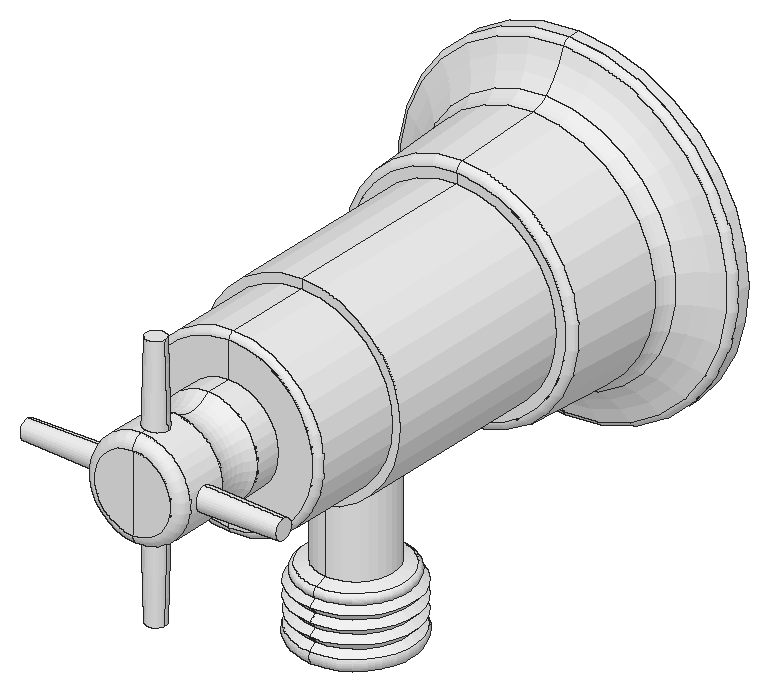
Revit family "797340001_REGULACIONES METÁLICAS", category Plumbing Fixtures, Revit 2019
Family settings
  Round Connector Dimension = Use Diameter
  Part Type = Normal
  OmniClass Number = 23.45.00.00
  Work Plane-Based = No
  Always vertical = Yes
  Cut with Voids When Loaded = No
  Shared = No
  Room Calculation Point = No
Parameters
  Vida útil del cartucho o unidad de cierre = "2000 ciclos a 138 kPa (20 psi)"  # constant formula
  Uso = "Doméstico"  # constant formula
  URL = "https://www.grival.com/soluciones-para-agua/regulacion-metalica-manija-cruceta-hembra/"
  Temperatura de uso = "De 4° C A 66° C (40° F y 150° F)"  # constant formula
  Resistencia de la man\u001fa al torque superior = "51 N-m (45 Lb-pulg)."  # constant formula
  Resistencia al torque de roscas metálicas = "(1/2), mínimo 61 N-m (45 Lb-pie)"  # constant formula
  Resistencia = "Corrosión, pelado y decoloración por agua"  # constant formula
  Recubrimientos = "No tóxico"  # constant formula
  Presión súbita intermitente máxima = "1249 kPa (180 psi)"  # constant formula
  Presión mínima recomendada = "138 kPa (20 psi)"  # constant formula
  Presión de trabajo manométrica máxima del agua = "860 kPa (125 psi)"  # constant formula
  Material = Corona_Cromado
  Fecha de creación = "11/08/2020"  # constant formula
  Description = "Se utilizan para cerrar o abrir el paso del agua en la entrada de lavamanos, lavaplatos, sanitarios o lavadoras. Facilitan labores de mantenimiento y reparación. Salida a pared 1/2 hembra."  # constant formula
  Creado por = "IDD"  # constant formula
  Capacidad de flujo o caudal = "Máximo 36 L/min.( 9,6gpm) a 138 kPa (20 psi)"  # constant formula
Reference planes
  plane 1 "Center (Front/Back)": y = 0
  plane 2: z = 0
  plane 3 "Center (Left/Right)": x = 0
Forms (mm)
  Revolve 1, solid, material "Corona_Cromado" <- "Material", detail levels medium+fine
    sketch origin (0, 0, 0) x (0, 1, 0) y (0, 0, 1)
      loop
        line (0, 0) -> (0, 15) -> (-1.041, 15)
        arc (-1.041, 15) -> (-1.437, 14.871) -> (-1.68, 14.534) r 0.671
        arc (-1.68, 14.534) -> (-2.445, 12.863) -> (-3.581, 11.418) r 7.76
        arc (-3.581, 11.418) -> (-4.253, 10.956) -> (-5.046, 10.766) r 2.237
        line (-5.046, 10.766) -> (-12.864, 10.356)
        arc (-12.864, 10.356) -> (-13.331, 10.141) -> (-13.522, 9.663) r 0.695
        line (-13.522, 9.663) -> (-13.522, 8.783) -> (-30.684, 8.783) -> (-30.684, 7.993) -> (-38.22, 7.993)
        arc (-38.22, 7.993) -> (-38.599, 7.836) -> (-38.757, 7.456) r 0.537
        line (-38.757, 7.456) -> (-38.757, 4.34) -> (-41.023, 4.34)
        arc (-41.023, 4.34) -> (-42.947, 3.599) -> (-44.87, 4.34) r 2.867
        line (-44.87, 4.34) -> (-48.453, 4.34)
        arc (-48.453, 4.34) -> (-49.135, 4.057) -> (-49.418, 3.375) r 0.965
        line (-49.418, 3.375) -> (-49.418, 0) -> (0, 0)
      axis (0, 0) -> (-49.418, 0)
    angle from 0 to 360
  Revolve 2, solid, material "Corona_Cromado" <- "Material", detail levels medium+fine
    sketch origin (0, 8.125, 0) x (0, 1, 0) y (0, 0, 1)
      loop
        line (-32.849, 0) -> (-36.13, 0) -> (-36.13, -16.038) -> (-37.197, -16.385)
        arc (-37.197, -16.385) -> (-37.516, -16.756) -> (-37.333, -17.209) r 0.47
        line (-37.333, -17.209) -> (-37.982, -17.716) -> (-37.333, -18.365) -> (-37.982, -18.872) -> (-37.302, -19.552) -> (-37.951, -20.059) -> (-37.302, -20.708) -> (-37.951, -21.215)
        arc (-37.951, -21.215) -> (-37.901, -22.056) -> (-37.163, -22.462) r 0.873
        line (-37.163, -22.462) -> (-36.13, -22.462) -> (-36.13, -17.425) -> (-32.849, -17.425) -> (-32.849, 0)
      axis (-32.849, -22.462) -> (-32.849, 0)
    angle from 0 to 360
  SweptBlend 3, solid, material "Corona_Cromado" <- "Material", detail levels medium+fine
    path origin (0, 0, 0) x (0, 0, -1) y (1, 0, 0)
      loop
        line (0, 3.288) -> (0, 11.338)
    profile origin (3.288, 0, 0) x (0, 0, 1) y (0, -1, 0)
      loop
        circle (0, 46.898) r 1.032
    end profile origin (11.338, 0, 0) x (0, 0, 1) y (0, -1, 0)
      loop
        circle (0, 46.896) r 0.842
  SweptBlend 4, solid, material "Corona_Cromado" <- "Material", detail levels medium+fine
    path origin (0, 0, 0) x (-1, 0, 0) y (0, 0, -1)
      loop
        line (0, 3.288) -> (0, 11.338)
    profile origin (0, 0, -3.288) x (0, -1, 0) y (1, 0, 0)
      loop
        circle (46.898, 0) r 1.032
    end profile origin (0, 0, -11.338) x (0, -1, 0) y (1, 0, 0)
      loop
        circle (46.896, 0) r 0.842
  SweptBlend 5, solid, material "Corona_Cromado" <- "Material", detail levels medium+fine
    path origin (0, 0, 0) x (0, 0, 1) y (-1, 0, 0)
      loop
        line (0, 3.288) -> (0, 11.338)
    profile origin (-3.288, 0, 0) x (0, 0, -1) y (0, -1, 0)
      loop
        circle (0, 46.898) r 1.032
    end profile origin (-11.338, 0, 0) x (0, 0, -1) y (0, -1, 0)
      loop
        circle (0, 46.896) r 0.842
  SweptBlend 6, solid, material "Corona_Cromado" <- "Material", detail levels medium+fine
    path origin (0, 0, 0) x (1, 0, 0) y (0, 0, 1)
      loop
        line (0, 3.288) -> (0, 11.338)
    profile origin (0, 0, 3.288) x (-1, 0, 0) y (0, -1, 0)
      loop
        circle (0, 46.898) r 1.032
    end profile origin (0, 0, 11.338) x (-1, 0, 0) y (0, -1, 0)
      loop
        circle (0, 46.896) r 0.842
  Extrusion 7, solid, material "Corona_Cromado" <- "Material", detail levels coarse
    sketch origin (0, 0, 0) x (0, 1, 0) y (0, 0, 1)
      loop
        line (0, 15) -> (-49.484, 15) -> (-49.484, -22.462) -> (0, -22.462) -> (0, 15)
    from -15.161 to 15.117
Dimensions and locks
  aligned and locked: level to plane 2
Nested families
  nested 1: "Family6" at (0, 0, 0) x (0, -1, 0) z (1, 0, 0), type "Family6"
  nested 2: "Family7" at (0, 0, 0) x (1, 0, 0) z (0, -1, 0), type "Family7"
  nested 3: "Family8" at (0, 0, 0) x (0, -1, 0) z (0, 0, 1), type "Family8"
Definition of nested family "Family6"
  Reference planes
    plane 1 "Center (Front/Back)": y = 0
    plane 2: z = 0
    plane 3 "Center (Left/Right)": x = 0
Definition of nested family "Family7"
  Reference planes
    plane 1 "Center (Front/Back)": y = 0
    plane 2: z = 0
    plane 3 "Center (Left/Right)": x = 0
Definition of nested family "Family8"
  Reference planes
    plane 1 "Center (Front/Back)": y = 0
    plane 2: z = 0
    plane 3 "Center (Left/Right)": x = 0
